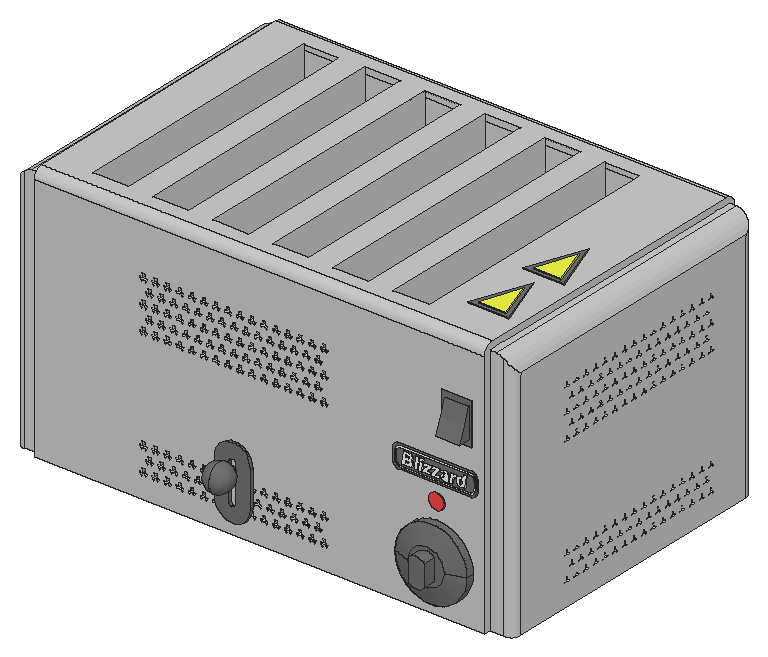
Revit family "QF_BLIZZARD_B6ST", category Specialty Equipment, Revit 2016 (continued)
Forms (mm)
  Extrusion 19, void
    sketch origin (259, 299.548, 0.393) x (0, -1, 0) y (0, 0, 1)
      loop
        arc (490.006, 36.988) -> (491.232, 38.216) -> (491.683, 39.892) r 3.369
        arc (491.683, 39.892) -> (489.432, 40.546) -> (489.991, 42.822) r 1.694
        arc (489.991, 42.822) -> (488.314, 43.269) -> (486.638, 42.822) r 3.369
      loop
        arc (496.638, 42.822) -> (497.197, 40.546) -> (494.946, 39.892) r 1.694
        arc (494.946, 39.892) -> (495.397, 38.216) -> (496.622, 36.988) r 3.369
        arc (496.622, 36.988) -> (498.314, 38.61) -> (500.006, 36.988) r 1.694
        arc (500.006, 36.988) -> (501.232, 38.216) -> (501.683, 39.892) r 3.369
        arc (501.683, 39.892) -> (499.432, 40.546) -> (499.991, 42.822) r 1.694
        arc (499.991, 42.822) -> (498.314, 43.269) -> (496.638, 42.822) r 3.369
      loop
        arc (351.638, 32.822) -> (352.197, 30.546) -> (349.946, 29.892) r 1.694
        arc (349.946, 29.892) -> (350.397, 28.216) -> (351.622, 26.988) r 3.369
        arc (351.622, 26.988) -> (353.314, 28.61) -> (355.006, 26.988) r 1.694
        arc (355.006, 26.988) -> (356.232, 28.216) -> (356.683, 29.892) r 3.369
        arc (356.683, 29.892) -> (354.432, 30.546) -> (354.991, 32.822) r 1.694
        arc (354.991, 32.822) -> (353.314, 33.269) -> (351.638, 32.822) r 3.369
      loop
        arc (361.638, 32.822) -> (362.197, 30.546) -> (359.946, 29.892) r 1.694
        arc (359.946, 29.892) -> (360.397, 28.216) -> (361.622, 26.988) r 3.369
        arc (361.622, 26.988) -> (363.314, 28.61) -> (365.006, 26.988) r 1.694
        arc (365.006, 26.988) -> (366.232, 28.216) -> (366.683, 29.892) r 3.369
        arc (366.683, 29.892) -> (364.432, 30.546) -> (364.991, 32.822) r 1.694
        arc (364.991, 32.822) -> (363.314, 33.269) -> (361.638, 32.822) r 3.369
      loop
        arc (371.638, 32.822) -> (372.197, 30.546) -> (369.946, 29.892) r 1.694
        arc (369.946, 29.892) -> (370.397, 28.216) -> (371.622, 26.988) r 3.369
        arc (371.622, 26.988) -> (373.314, 28.61) -> (375.006, 26.988) r 1.694
        arc (375.006, 26.988) -> (376.232, 28.216) -> (376.683, 29.892) r 3.369
        arc (376.683, 29.892) -> (374.432, 30.546) -> (374.991, 32.822) r 1.694
        arc (374.991, 32.822) -> (373.314, 33.269) -> (371.638, 32.822) r 3.369
      loop
        arc (381.638, 32.822) -> (382.197, 30.546) -> (379.946, 29.892) r 1.694
        arc (379.946, 29.892) -> (380.397, 28.216) -> (381.622, 26.988) r 3.369
        arc (381.622, 26.988) -> (383.314, 28.61) -> (385.006, 26.988) r 1.694
        arc (385.006, 26.988) -> (386.232, 28.216) -> (386.683, 29.892) r 3.369
        arc (386.683, 29.892) -> (384.432, 30.546) -> (384.991, 32.822) r 1.694
        arc (384.991, 32.822) -> (383.314, 33.269) -> (381.638, 32.822) r 3.369
      loop
        arc (391.638, 32.822) -> (392.197, 30.546) -> (389.946, 29.892) r 1.694
        arc (389.946, 29.892) -> (390.397, 28.216) -> (391.622, 26.988) r 3.369
        arc (391.622, 26.988) -> (393.314, 28.61) -> (395.006, 26.988) r 1.694
        arc (395.006, 26.988) -> (396.232, 28.216) -> (396.683, 29.892) r 3.369
        arc (396.683, 29.892) -> (394.432, 30.546) -> (394.991, 32.822) r 1.694
        arc (394.991, 32.822) -> (393.314, 33.269) -> (391.638, 32.822) r 3.369
      loop
        arc (401.638, 32.822) -> (402.197, 30.546) -> (399.946, 29.892) r 1.694
        arc (399.946, 29.892) -> (400.397, 28.216) -> (401.622, 26.988) r 3.369
        arc (401.622, 26.988) -> (403.314, 28.61) -> (405.006, 26.988) r 1.694
        arc (405.006, 26.988) -> (406.232, 28.216) -> (406.683, 29.892) r 3.369
        arc (406.683, 29.892) -> (404.432, 30.546) -> (404.991, 32.822) r 1.694
        arc (404.991, 32.822) -> (403.314, 33.269) -> (401.638, 32.822) r 3.369
      loop
        arc (411.638, 32.822) -> (412.197, 30.546) -> (409.946, 29.892) r 1.694
        arc (409.946, 29.892) -> (410.397, 28.216) -> (411.622, 26.988) r 3.369
        arc (411.622, 26.988) -> (413.314, 28.61) -> (415.006, 26.988) r 1.694
        arc (415.006, 26.988) -> (416.232, 28.216) -> (416.683, 29.892) r 3.369
        arc (416.683, 29.892) -> (414.432, 30.546) -> (414.991, 32.822) r 1.694
        arc (414.991, 32.822) -> (413.314, 33.269) -> (411.638, 32.822) r 3.369
      loop
        arc (421.638, 32.822) -> (422.197, 30.546) -> (419.946, 29.892) r 1.694
        arc (419.946, 29.892) -> (420.397, 28.216) -> (421.622, 26.988) r 3.369
        arc (421.622, 26.988) -> (423.314, 28.61) -> (425.006, 26.988) r 1.694
        arc (425.006, 26.988) -> (426.232, 28.216) -> (426.683, 29.892) r 3.369
        arc (426.683, 29.892) -> (424.432, 30.546) -> (424.991, 32.822) r 1.694
        arc (424.991, 32.822) -> (423.314, 33.269) -> (421.638, 32.822) r 3.369
      loop
        arc (431.638, 32.822) -> (432.197, 30.546) -> (429.946, 29.892) r 1.694
        arc (429.946, 29.892) -> (430.397, 28.216) -> (431.622, 26.988) r 3.369
        arc (431.622, 26.988) -> (433.314, 28.61) -> (435.006, 26.988) r 1.694
        arc (435.006, 26.988) -> (436.232, 28.216) -> (436.683, 29.892) r 3.369
        arc (436.683, 29.892) -> (434.432, 30.546) -> (434.991, 32.822) r 1.694
        arc (434.991, 32.822) -> (433.314, 33.269) -> (431.638, 32.822) r 3.369
      loop
        arc (441.638, 32.822) -> (442.197, 30.546) -> (439.946, 29.892) r 1.694
        arc (439.946, 29.892) -> (440.397, 28.216) -> (441.622, 26.988) r 3.369
        arc (441.622, 26.988) -> (443.314, 28.61) -> (445.006, 26.988) r 1.694
        arc (445.006, 26.988) -> (446.232, 28.216) -> (446.683, 29.892) r 3.369
        arc (446.683, 29.892) -> (444.432, 30.546) -> (444.991, 32.822) r 1.694
        arc (444.991, 32.822) -> (443.314, 33.269) -> (441.638, 32.822) r 3.369
      loop
        arc (451.638, 32.822) -> (452.197, 30.546) -> (449.946, 29.892) r 1.694
        arc (449.946, 29.892) -> (450.397, 28.216) -> (451.622, 26.988) r 3.369
        arc (451.622, 26.988) -> (453.314, 28.61) -> (455.006, 26.988) r 1.694
        arc (455.006, 26.988) -> (456.232, 28.216) -> (456.683, 29.892) r 3.369
        arc (456.683, 29.892) -> (454.432, 30.546) -> (454.991, 32.822) r 1.694
        arc (454.991, 32.822) -> (453.314, 33.269) -> (451.638, 32.822) r 3.369
      loop
        arc (461.638, 32.822) -> (462.197, 30.546) -> (459.946, 29.892) r 1.694
        arc (459.946, 29.892) -> (460.397, 28.216) -> (461.622, 26.988) r 3.369
        arc (461.622, 26.988) -> (463.314, 28.61) -> (465.006, 26.988) r 1.694
        arc (465.006, 26.988) -> (466.232, 28.216) -> (466.683, 29.892) r 3.369
        arc (466.683, 29.892) -> (464.432, 30.546) -> (464.991, 32.822) r 1.694
        arc (464.991, 32.822) -> (463.314, 33.269) -> (461.638, 32.822) r 3.369
      loop
        arc (471.638, 32.822) -> (472.197, 30.546) -> (469.946, 29.892) r 1.694
        arc (469.946, 29.892) -> (470.397, 28.216) -> (471.622, 26.988) r 3.369
        arc (471.622, 26.988) -> (473.314, 28.61) -> (475.006, 26.988) r 1.694
        arc (475.006, 26.988) -> (476.232, 28.216) -> (476.683, 29.892) r 3.369
        arc (476.683, 29.892) -> (474.432, 30.546) -> (474.991, 32.822) r 1.694
        arc (474.991, 32.822) -> (473.314, 33.269) -> (471.638, 32.822) r 3.369
      loop
        arc (481.638, 32.822) -> (482.197, 30.546) -> (479.946, 29.892) r 1.694
        arc (479.946, 29.892) -> (480.397, 28.216) -> (481.622, 26.988) r 3.369
        arc (481.622, 26.988) -> (483.314, 28.61) -> (485.006, 26.988) r 1.694
        arc (485.006, 26.988) -> (486.232, 28.216) -> (486.683, 29.892) r 3.369
        arc (486.683, 29.892) -> (484.432, 30.546) -> (484.991, 32.822) r 1.694
        arc (484.991, 32.822) -> (483.314, 33.269) -> (481.638, 32.822) r 3.369
      loop
        arc (491.638, 32.822) -> (492.197, 30.546) -> (489.946, 29.892) r 1.694
        arc (489.946, 29.892) -> (490.397, 28.216) -> (491.622, 26.988) r 3.369
        arc (491.622, 26.988) -> (493.314, 28.61) -> (495.006, 26.988) r 1.694
        arc (495.006, 26.988) -> (496.232, 28.216) -> (496.683, 29.892) r 3.369
        arc (496.683, 29.892) -> (494.432, 30.546) -> (494.991, 32.822) r 1.694
        arc (494.991, 32.822) -> (493.314, 33.269) -> (491.638, 32.822) r 3.369
      loop
        arc (346.638, 22.822) -> (347.197, 20.546) -> (344.946, 19.892) r 1.694
        arc (344.946, 19.892) -> (345.397, 18.216) -> (346.622, 16.988) r 3.369
        arc (346.622, 16.988) -> (348.314, 18.61) -> (350.006, 16.988) r 1.694
        arc (350.006, 16.988) -> (351.232, 18.216) -> (351.683, 19.892) r 3.369
        arc (351.683, 19.892) -> (349.432, 20.546) -> (349.991, 22.822) r 1.694
        arc (349.991, 22.822) -> (348.314, 23.269) -> (346.638, 22.822) r 3.369
      loop
        arc (356.638, 22.822) -> (357.197, 20.546) -> (354.946, 19.892) r 1.694
        arc (354.946, 19.892) -> (355.397, 18.216) -> (356.622, 16.988) r 3.369
        arc (356.622, 16.988) -> (358.314, 18.61) -> (360.006, 16.988) r 1.694
        arc (360.006, 16.988) -> (361.232, 18.216) -> (361.683, 19.892) r 3.369
        arc (361.683, 19.892) -> (359.432, 20.546) -> (359.991, 22.822) r 1.694
        arc (359.991, 22.822) -> (358.314, 23.269) -> (356.638, 22.822) r 3.369
      loop
        arc (366.638, 22.822) -> (367.197, 20.546) -> (364.946, 19.892) r 1.694
        arc (364.946, 19.892) -> (365.397, 18.216) -> (366.622, 16.988) r 3.369
        arc (366.622, 16.988) -> (368.314, 18.61) -> (370.006, 16.988) r 1.694
        arc (370.006, 16.988) -> (371.232, 18.216) -> (371.683, 19.892) r 3.369
        arc (371.683, 19.892) -> (369.432, 20.546) -> (369.991, 22.822) r 1.694
        arc (369.991, 22.822) -> (368.314, 23.269) -> (366.638, 22.822) r 3.369
      loop
        arc (376.638, 22.822) -> (377.197, 20.546) -> (374.946, 19.892) r 1.694
        arc (374.946, 19.892) -> (375.397, 18.216) -> (376.622, 16.988) r 3.369
        arc (376.622, 16.988) -> (378.314, 18.61) -> (380.006, 16.988) r 1.694
        arc (380.006, 16.988) -> (381.232, 18.216) -> (381.683, 19.892) r 3.369
        arc (381.683, 19.892) -> (379.432, 20.546) -> (379.991, 22.822) r 1.694
        arc (379.991, 22.822) -> (378.314, 23.269) -> (376.638, 22.822) r 3.369
      loop
        arc (386.638, 22.822) -> (387.197, 20.546) -> (384.946, 19.892) r 1.694
        arc (384.946, 19.892) -> (385.397, 18.216) -> (386.622, 16.988) r 3.369
        arc (386.622, 16.988) -> (388.314, 18.61) -> (390.006, 16.988) r 1.694
        arc (390.006, 16.988) -> (391.232, 18.216) -> (391.683, 19.892) r 3.369
        arc (391.683, 19.892) -> (389.432, 20.546) -> (389.991, 22.822) r 1.694
        arc (389.991, 22.822) -> (388.314, 23.269) -> (386.638, 22.822) r 3.369
      loop
        arc (396.638, 22.822) -> (397.197, 20.546) -> (394.946, 19.892) r 1.694
        arc (394.946, 19.892) -> (395.397, 18.216) -> (396.622, 16.988) r 3.369
        arc (396.622, 16.988) -> (398.314, 18.61) -> (400.006, 16.988) r 1.694
        arc (400.006, 16.988) -> (401.232, 18.216) -> (401.683, 19.892) r 3.369
        arc (401.683, 19.892) -> (399.432, 20.546) -> (399.991, 22.822) r 1.694
        arc (399.991, 22.822) -> (398.314, 23.269) -> (396.638, 22.822) r 3.369
      loop
        arc (406.638, 22.822) -> (407.197, 20.546) -> (404.946, 19.892) r 1.694
        arc (404.946, 19.892) -> (405.397, 18.216) -> (406.622, 16.988) r 3.369
        arc (406.622, 16.988) -> (408.314, 18.61) -> (410.006, 16.988) r 1.694
        arc (410.006, 16.988) -> (411.232, 18.216) -> (411.683, 19.892) r 3.369
        arc (411.683, 19.892) -> (409.432, 20.546) -> (409.991, 22.822) r 1.694
        arc (409.991, 22.822) -> (408.314, 23.269) -> (406.638, 22.822) r 3.369
      loop
        arc (416.638, 22.822) -> (417.197, 20.546) -> (414.946, 19.892) r 1.694
        arc (414.946, 19.892) -> (415.397, 18.216) -> (416.622, 16.988) r 3.369
        arc (416.622, 16.988) -> (418.314, 18.61) -> (420.006, 16.988) r 1.694
        arc (420.006, 16.988) -> (421.232, 18.216) -> (421.683, 19.892) r 3.369
        arc (421.683, 19.892) -> (419.432, 20.546) -> (419.991, 22.822) r 1.694
        arc (419.991, 22.822) -> (418.314, 23.269) -> (416.638, 22.822) r 3.369
      loop
        arc (426.638, 22.822) -> (427.197, 20.546) -> (424.946, 19.892) r 1.694
        arc (424.946, 19.892) -> (425.397, 18.216) -> (426.622, 16.988) r 3.369
        arc (426.622, 16.988) -> (428.314, 18.61) -> (430.006, 16.988) r 1.694
        arc (430.006, 16.988) -> (431.232, 18.216) -> (431.683, 19.892) r 3.369
        arc (431.683, 19.892) -> (429.432, 20.546) -> (429.991, 22.822) r 1.694
        arc (429.991, 22.822) -> (428.314, 23.269) -> (426.638, 22.822) r 3.369
      loop
        arc (436.638, 22.822) -> (437.197, 20.546) -> (434.946, 19.892) r 1.694
        arc (434.946, 19.892) -> (435.397, 18.216) -> (436.622, 16.988) r 3.369
        arc (436.622, 16.988) -> (438.314, 18.61) -> (440.006, 16.988) r 1.694
        arc (440.006, 16.988) -> (441.232, 18.216) -> (441.683, 19.892) r 3.369
        arc (441.683, 19.892) -> (439.432, 20.546) -> (439.991, 22.822) r 1.694
        arc (439.991, 22.822) -> (438.314, 23.269) -> (436.638, 22.822) r 3.369
      loop
        arc (446.638, 22.822) -> (447.197, 20.546) -> (444.946, 19.892) r 1.694
        arc (444.946, 19.892) -> (445.397, 18.216) -> (446.622, 16.988) r 3.369
        arc (446.622, 16.988) -> (448.314, 18.61) -> (450.006, 16.988) r 1.694
        arc (450.006, 16.988) -> (451.232, 18.216) -> (451.683, 19.892) r 3.369
        arc (451.683, 19.892) -> (449.432, 20.546) -> (449.991, 22.822) r 1.694
        arc (449.991, 22.822) -> (448.314, 23.269) -> (446.638, 22.822) r 3.369
      loop
        arc (456.638, 22.822) -> (457.197, 20.546) -> (454.946, 19.892) r 1.694
        arc (454.946, 19.892) -> (455.397, 18.216) -> (456.622, 16.988) r 3.369
        arc (456.622, 16.988) -> (458.314, 18.61) -> (460.006, 16.988) r 1.694
        arc (460.006, 16.988) -> (461.232, 18.216) -> (461.683, 19.892) r 3.369
        arc (461.683, 19.892) -> (459.432, 20.546) -> (459.991, 22.822) r 1.694
        arc (459.991, 22.822) -> (458.314, 23.269) -> (456.638, 22.822) r 3.369
      loop
        arc (466.638, 22.822) -> (467.197, 20.546) -> (464.946, 19.892) r 1.694
        arc (464.946, 19.892) -> (465.397, 18.216) -> (466.622, 16.988) r 3.369
        arc (466.622, 16.988) -> (468.314, 18.61) -> (470.006, 16.988) r 1.694
        arc (470.006, 16.988) -> (471.232, 18.216) -> (471.683, 19.892) r 3.369
        arc (471.683, 19.892) -> (469.432, 20.546) -> (469.991, 22.822) r 1.694
        arc (469.991, 22.822) -> (468.314, 23.269) -> (466.638, 22.822) r 3.369
      loop
        arc (476.638, 22.822) -> (477.197, 20.546) -> (474.946, 19.892) r 1.694
        arc (474.946, 19.892) -> (475.397, 18.216) -> (476.622, 16.988) r 3.369
        arc (476.622, 16.988) -> (478.314, 18.61) -> (480.006, 16.988) r 1.694
        arc (480.006, 16.988) -> (481.232, 18.216) -> (481.683, 19.892) r 3.369
        arc (481.683, 19.892) -> (479.432, 20.546) -> (479.991, 22.822) r 1.694
        arc (479.991, 22.822) -> (478.314, 23.269) -> (476.638, 22.822) r 3.369
      loop
        arc (486.638, 22.822) -> (487.197, 20.546) -> (484.946, 19.892) r 1.694
        arc (484.946, 19.892) -> (485.397, 18.216) -> (486.622, 16.988) r 3.369
        arc (486.622, 16.988) -> (488.314, 18.61) -> (490.006, 16.988) r 1.694
        arc (490.006, 16.988) -> (491.232, 18.216) -> (491.683, 19.892) r 3.369
        arc (491.683, 19.892) -> (489.432, 20.546) -> (489.991, 22.822) r 1.694
        arc (489.991, 22.822) -> (488.314, 23.269) -> (486.638, 22.822) r 3.369
      loop
        arc (496.638, 22.822) -> (497.197, 20.546) -> (494.946, 19.892) r 1.694
        arc (494.946, 19.892) -> (495.397, 18.216) -> (496.622, 16.988) r 3.369
        arc (496.622, 16.988) -> (498.314, 18.61) -> (500.006, 16.988) r 1.694
        arc (500.006, 16.988) -> (501.232, 18.216) -> (501.683, 19.892) r 3.369
        arc (501.683, 19.892) -> (499.432, 20.546) -> (499.991, 22.822) r 1.694
        arc (499.991, 22.822) -> (498.314, 23.269) -> (496.638, 22.822) r 3.369
    from 254 to 262.634
  Extrusion 20, void
    sketch origin (155, 299.548, 0.393) x (0, -1, 0) y (0, 0, -1)
      loop
        arc (346.638, -167.822) -> (348.314, -168.269) -> (349.991, -167.822) r 3.369
        arc (349.991, -167.822) -> (349.432, -165.546) -> (351.683, -164.892) r 1.694
        arc (351.683, -164.892) -> (351.232, -163.216) -> (350.006, -161.988) r 3.369
        arc (350.006, -161.988) -> (348.314, -163.61) -> (346.622, -161.988) r 1.694
        arc (346.622, -161.988) -> (345.397, -163.216) -> (344.946, -164.892) r 3.369
        arc (344.946, -164.892) -> (347.197, -165.546) -> (346.638, -167.822) r 1.694
      loop
        arc (356.638, -167.822) -> (358.314, -168.269) -> (359.991, -167.822) r 3.369
        arc (359.991, -167.822) -> (359.432, -165.546) -> (361.683, -164.892) r 1.694
        arc (361.683, -164.892) -> (361.232, -163.216) -> (360.006, -161.988) r 3.369
        arc (360.006, -161.988) -> (358.314, -163.61) -> (356.622, -161.988) r 1.694
        arc (356.622, -161.988) -> (355.397, -163.216) -> (354.946, -164.892) r 3.369
        arc (354.946, -164.892) -> (357.197, -165.546) -> (356.638, -167.822) r 1.694
      loop
        arc (366.638, -167.822) -> (368.314, -168.269) -> (369.991, -167.822) r 3.369
        arc (369.991, -167.822) -> (369.432, -165.546) -> (371.683, -164.892) r 1.694
        arc (371.683, -164.892) -> (371.232, -163.216) -> (370.006, -161.988) r 3.369
        arc (370.006, -161.988) -> (368.314, -163.61) -> (366.622, -161.988) r 1.694
        arc (366.622, -161.988) -> (365.397, -163.216) -> (364.946, -164.892) r 3.369
        arc (364.946, -164.892) -> (367.197, -165.546) -> (366.638, -167.822) r 1.694
      loop
        arc (376.638, -167.822) -> (378.314, -168.269) -> (379.991, -167.822) r 3.369
        arc (379.991, -167.822) -> (379.432, -165.546) -> (381.683, -164.892) r 1.694
        arc (381.683, -164.892) -> (381.232, -163.216) -> (380.006, -161.988) r 3.369
        arc (380.006, -161.988) -> (378.314, -163.61) -> (376.622, -161.988) r 1.694
        arc (376.622, -161.988) -> (375.397, -163.216) -> (374.946, -164.892) r 3.369
        arc (374.946, -164.892) -> (377.197, -165.546) -> (376.638, -167.822) r 1.694
      loop
        arc (386.638, -167.822) -> (388.314, -168.269) -> (389.991, -167.822) r 3.369
        arc (389.991, -167.822) -> (389.432, -165.546) -> (391.683, -164.892) r 1.694
        arc (391.683, -164.892) -> (391.232, -163.216) -> (390.006, -161.988) r 3.369
        arc (390.006, -161.988) -> (388.314, -163.61) -> (386.622, -161.988) r 1.694
        arc (386.622, -161.988) -> (385.397, -163.216) -> (384.946, -164.892) r 3.369
        arc (384.946, -164.892) -> (387.197, -165.546) -> (386.638, -167.822) r 1.694
      loop
        arc (396.638, -167.822) -> (398.314, -168.269) -> (399.991, -167.822) r 3.369
        arc (399.991, -167.822) -> (399.432, -165.546) -> (401.683, -164.892) r 1.694
        arc (401.683, -164.892) -> (401.232, -163.216) -> (400.006, -161.988) r 3.369
        arc (400.006, -161.988) -> (398.314, -163.61) -> (396.622, -161.988) r 1.694
        arc (396.622, -161.988) -> (395.397, -163.216) -> (394.946, -164.892) r 3.369
        arc (394.946, -164.892) -> (397.197, -165.546) -> (396.638, -167.822) r 1.694
      loop
        arc (406.638, -167.822) -> (408.314, -168.269) -> (409.991, -167.822) r 3.369
        arc (409.991, -167.822) -> (409.432, -165.546) -> (411.683, -164.892) r 1.694
        arc (411.683, -164.892) -> (411.232, -163.216) -> (410.006, -161.988) r 3.369
        arc (410.006, -161.988) -> (408.314, -163.61) -> (406.622, -161.988) r 1.694
        arc (406.622, -161.988) -> (405.397, -163.216) -> (404.946, -164.892) r 3.369
        arc (404.946, -164.892) -> (407.197, -165.546) -> (406.638, -167.822) r 1.694
      loop
        arc (416.638, -167.822) -> (418.314, -168.269) -> (419.991, -167.822) r 3.369
        arc (419.991, -167.822) -> (419.432, -165.546) -> (421.683, -164.892) r 1.694
        arc (421.683, -164.892) -> (421.232, -163.216) -> (420.006, -161.988) r 3.369
        arc (420.006, -161.988) -> (418.314, -163.61) -> (416.622, -161.988) r 1.694
        arc (416.622, -161.988) -> (415.397, -163.216) -> (414.946, -164.892) r 3.369
        arc (414.946, -164.892) -> (417.197, -165.546) -> (416.638, -167.822) r 1.694
      loop
        arc (426.638, -167.822) -> (428.314, -168.269) -> (429.991, -167.822) r 3.369
        arc (429.991, -167.822) -> (429.432, -165.546) -> (431.683, -164.892) r 1.694
        arc (431.683, -164.892) -> (431.232, -163.216) -> (430.006, -161.988) r 3.369
        arc (430.006, -161.988) -> (428.314, -163.61) -> (426.622, -161.988) r 1.694
        arc (426.622, -161.988) -> (425.397, -163.216) -> (424.946, -164.892) r 3.369
        arc (424.946, -164.892) -> (427.197, -165.546) -> (426.638, -167.822) r 1.694
      loop
        arc (436.638, -167.822) -> (438.314, -168.269) -> (439.991, -167.822) r 3.369
        arc (439.991, -167.822) -> (439.432, -165.546) -> (441.683, -164.892) r 1.694
        arc (441.683, -164.892) -> (441.232, -163.216) -> (440.006, -161.988) r 3.369
        arc (440.006, -161.988) -> (438.314, -163.61) -> (436.622, -161.988) r 1.694
        arc (436.622, -161.988) -> (435.397, -163.216) -> (434.946, -164.892) r 3.369
        arc (434.946, -164.892) -> (437.197, -165.546) -> (436.638, -167.822) r 1.694
      loop
        arc (446.638, -167.822) -> (448.314, -168.269) -> (449.991, -167.822) r 3.369
        arc (449.991, -167.822) -> (449.432, -165.546) -> (451.683, -164.892) r 1.694
        arc (451.683, -164.892) -> (451.232, -163.216) -> (450.006, -161.988) r 3.369
        arc (450.006, -161.988) -> (448.314, -163.61) -> (446.622, -161.988) r 1.694
        arc (446.622, -161.988) -> (445.397, -163.216) -> (444.946, -164.892) r 3.369
        arc (444.946, -164.892) -> (447.197, -165.546) -> (446.638, -167.822) r 1.694
      loop
        arc (456.638, -167.822) -> (458.314, -168.269) -> (459.991, -167.822) r 3.369
        arc (459.991, -167.822) -> (459.432, -165.546) -> (461.683, -164.892) r 1.694
        arc (461.683, -164.892) -> (461.232, -163.216) -> (460.006, -161.988) r 3.369
        arc (460.006, -161.988) -> (458.314, -163.61) -> (456.622, -161.988) r 1.694
        arc (456.622, -161.988) -> (455.397, -163.216) -> (454.946, -164.892) r 3.369
        arc (454.946, -164.892) -> (457.197, -165.546) -> (456.638, -167.822) r 1.694
      loop
        arc (466.638, -167.822) -> (468.314, -168.269) -> (469.991, -167.822) r 3.369
        arc (469.991, -167.822) -> (469.432, -165.546) -> (471.683, -164.892) r 1.694
        arc (471.683, -164.892) -> (471.232, -163.216) -> (470.006, -161.988) r 3.369
        arc (470.006, -161.988) -> (468.314, -163.61) -> (466.622, -161.988) r 1.694
        arc (466.622, -161.988) -> (465.397, -163.216) -> (464.946, -164.892) r 3.369
        arc (464.946, -164.892) -> (467.197, -165.546) -> (466.638, -167.822) r 1.694
      loop
        arc (476.638, -167.822) -> (478.314, -168.269) -> (479.991, -167.822) r 3.369
        arc (479.991, -167.822) -> (479.432, -165.546) -> (481.683, -164.892) r 1.694
        arc (481.683, -164.892) -> (481.232, -163.216) -> (480.006, -161.988) r 3.369
        arc (480.006, -161.988) -> (478.314, -163.61) -> (476.622, -161.988) r 1.694
        arc (476.622, -161.988) -> (475.397, -163.216) -> (474.946, -164.892) r 3.369
        arc (474.946, -164.892) -> (477.197, -165.546) -> (476.638, -167.822) r 1.694
      loop
        arc (486.638, -167.822) -> (488.314, -168.269) -> (489.991, -167.822) r 3.369
        arc (489.991, -167.822) -> (489.432, -165.546) -> (491.683, -164.892) r 1.694
        arc (491.683, -164.892) -> (491.232, -163.216) -> (490.006, -161.988) r 3.369
        arc (490.006, -161.988) -> (488.314, -163.61) -> (486.622, -161.988) r 1.694
        arc (486.622, -161.988) -> (485.397, -163.216) -> (484.946, -164.892) r 3.369
        arc (484.946, -164.892) -> (487.197, -165.546) -> (486.638, -167.822) r 1.694
      loop
        arc (496.638, -167.822) -> (498.314, -168.269) -> (499.991, -167.822) r 3.369
        arc (499.991, -167.822) -> (499.432, -165.546) -> (501.683, -164.892) r 1.694
        arc (501.683, -164.892) -> (501.232, -163.216) -> (500.006, -161.988) r 3.369
        arc (500.006, -161.988) -> (498.314, -163.61) -> (496.622, -161.988) r 1.694
        arc (496.622, -161.988) -> (495.397, -163.216) -> (494.946, -164.892) r 3.369
        arc (494.946, -164.892) -> (497.197, -165.546) -> (496.638, -167.822) r 1.694
      loop
        arc (351.638, -157.822) -> (353.314, -158.269) -> (354.991, -157.822) r 3.369
        arc (354.991, -157.822) -> (354.432, -155.546) -> (356.683, -154.892) r 1.694
        arc (356.683, -154.892) -> (356.232, -153.216) -> (355.006, -151.988) r 3.369
        arc (355.006, -151.988) -> (353.314, -153.61) -> (351.622, -151.988) r 1.694
        arc (351.622, -151.988) -> (350.397, -153.216) -> (349.946, -154.892) r 3.369
        arc (349.946, -154.892) -> (352.197, -155.546) -> (351.638, -157.822) r 1.694
      loop
        arc (361.638, -157.822) -> (363.314, -158.269) -> (364.991, -157.822) r 3.369
        arc (364.991, -157.822) -> (364.432, -155.546) -> (366.683, -154.892) r 1.694
        arc (366.683, -154.892) -> (366.232, -153.216) -> (365.006, -151.988) r 3.369
        arc (365.006, -151.988) -> (363.314, -153.61) -> (361.622, -151.988) r 1.694
        arc (361.622, -151.988) -> (360.397, -153.216) -> (359.946, -154.892) r 3.369
        arc (359.946, -154.892) -> (362.197, -155.546) -> (361.638, -157.822) r 1.694
      loop
        arc (371.638, -157.822) -> (373.314, -158.269) -> (374.991, -157.822) r 3.369
        arc (374.991, -157.822) -> (374.432, -155.546) -> (376.683, -154.892) r 1.694
        arc (376.683, -154.892) -> (376.232, -153.216) -> (375.006, -151.988) r 3.369
        arc (375.006, -151.988) -> (373.314, -153.61) -> (371.622, -151.988) r 1.694
        arc (371.622, -151.988) -> (370.397, -153.216) -> (369.946, -154.892) r 3.369
        arc (369.946, -154.892) -> (372.197, -155.546) -> (371.638, -157.822) r 1.694
      loop
        arc (381.638, -157.822) -> (383.314, -158.269) -> (384.991, -157.822) r 3.369
        arc (384.991, -157.822) -> (384.432, -155.546) -> (386.683, -154.892) r 1.694
        arc (386.683, -154.892) -> (386.232, -153.216) -> (385.006, -151.988) r 3.369
        arc (385.006, -151.988) -> (383.314, -153.61) -> (381.622, -151.988) r 1.694
        arc (381.622, -151.988) -> (380.397, -153.216) -> (379.946, -154.892) r 3.369
        arc (379.946, -154.892) -> (382.197, -155.546) -> (381.638, -157.822) r 1.694
      loop
        arc (391.638, -157.822) -> (393.314, -158.269) -> (394.991, -157.822) r 3.369
        arc (394.991, -157.822) -> (394.432, -155.546) -> (396.683, -154.892) r 1.694
        arc (396.683, -154.892) -> (396.232, -153.216) -> (395.006, -151.988) r 3.369
        arc (395.006, -151.988) -> (393.314, -153.61) -> (391.622, -151.988) r 1.694
        arc (391.622, -151.988) -> (390.397, -153.216) -> (389.946, -154.892) r 3.369
        arc (389.946, -154.892) -> (392.197, -155.546) -> (391.638, -157.822) r 1.694
      loop
        arc (401.638, -157.822) -> (403.314, -158.269) -> (404.991, -157.822) r 3.369
        arc (404.991, -157.822) -> (404.432, -155.546) -> (406.683, -154.892) r 1.694
        arc (406.683, -154.892) -> (406.232, -153.216) -> (405.006, -151.988) r 3.369
        arc (405.006, -151.988) -> (403.314, -153.61) -> (401.622, -151.988) r 1.694
        arc (401.622, -151.988) -> (400.397, -153.216) -> (399.946, -154.892) r 3.369
        arc (399.946, -154.892) -> (402.197, -155.546) -> (401.638, -157.822) r 1.694
      loop
        arc (411.638, -157.822) -> (413.314, -158.269) -> (414.991, -157.822) r 3.369
        arc (414.991, -157.822) -> (414.432, -155.546) -> (416.683, -154.892) r 1.694
        arc (416.683, -154.892) -> (416.232, -153.216) -> (415.006, -151.988) r 3.369
        arc (415.006, -151.988) -> (413.314, -153.61) -> (411.622, -151.988) r 1.694
        arc (411.622, -151.988) -> (410.397, -153.216) -> (409.946, -154.892) r 3.369
        arc (409.946, -154.892) -> (412.197, -155.546) -> (411.638, -157.822) r 1.694
      loop
        arc (421.638, -157.822) -> (423.314, -158.269) -> (424.991, -157.822) r 3.369
        arc (424.991, -157.822) -> (424.432, -155.546) -> (426.683, -154.892) r 1.694
        arc (426.683, -154.892) -> (426.232, -153.216) -> (425.006, -151.988) r 3.369
        arc (425.006, -151.988) -> (423.314, -153.61) -> (421.622, -151.988) r 1.694
        arc (421.622, -151.988) -> (420.397, -153.216) -> (419.946, -154.892) r 3.369
        arc (419.946, -154.892) -> (422.197, -155.546) -> (421.638, -157.822) r 1.694
      loop
        arc (431.638, -157.822) -> (433.314, -158.269) -> (434.991, -157.822) r 3.369
        arc (434.991, -157.822) -> (434.432, -155.546) -> (436.683, -154.892) r 1.694
        arc (436.683, -154.892) -> (436.232, -153.216) -> (435.006, -151.988) r 3.369
        arc (435.006, -151.988) -> (433.314, -153.61) -> (431.622, -151.988) r 1.694
        arc (431.622, -151.988) -> (430.397, -153.216) -> (429.946, -154.892) r 3.369
        arc (429.946, -154.892) -> (432.197, -155.546) -> (431.638, -157.822) r 1.694
      loop
        arc (441.638, -157.822) -> (443.314, -158.269) -> (444.991, -157.822) r 3.369
        arc (444.991, -157.822) -> (444.432, -155.546) -> (446.683, -154.892) r 1.694
        arc (446.683, -154.892) -> (446.232, -153.216) -> (445.006, -151.988) r 3.369
        arc (445.006, -151.988) -> (443.314, -153.61) -> (441.622, -151.988) r 1.694
        arc (441.622, -151.988) -> (440.397, -153.216) -> (439.946, -154.892) r 3.369
        arc (439.946, -154.892) -> (442.197, -155.546) -> (441.638, -157.822) r 1.694
      loop
        arc (451.638, -157.822) -> (453.314, -158.269) -> (454.991, -157.822) r 3.369
        arc (454.991, -157.822) -> (454.432, -155.546) -> (456.683, -154.892) r 1.694
        arc (456.683, -154.892) -> (456.232, -153.216) -> (455.006, -151.988) r 3.369
        arc (455.006, -151.988) -> (453.314, -153.61) -> (451.622, -151.988) r 1.694
        arc (451.622, -151.988) -> (450.397, -153.216) -> (449.946, -154.892) r 3.369
        arc (449.946, -154.892) -> (452.197, -155.546) -> (451.638, -157.822) r 1.694
      loop
        arc (461.638, -157.822) -> (463.314, -158.269) -> (464.991, -157.822) r 3.369
        arc (464.991, -157.822) -> (464.432, -155.546) -> (466.683, -154.892) r 1.694
        arc (466.683, -154.892) -> (466.232, -153.216) -> (465.006, -151.988) r 3.369
        arc (465.006, -151.988) -> (463.314, -153.61) -> (461.622, -151.988) r 1.694
        arc (461.622, -151.988) -> (460.397, -153.216) -> (459.946, -154.892) r 3.369
        arc (459.946, -154.892) -> (462.197, -155.546) -> (461.638, -157.822) r 1.694
      loop
        arc (471.638, -157.822) -> (473.314, -158.269) -> (474.991, -157.822) r 3.369
        arc (474.991, -157.822) -> (474.432, -155.546) -> (476.683, -154.892) r 1.694
        arc (476.683, -154.892) -> (476.232, -153.216) -> (475.006, -151.988) r 3.369
        arc (475.006, -151.988) -> (473.314, -153.61) -> (471.622, -151.988) r 1.694
        arc (471.622, -151.988) -> (470.397, -153.216) -> (469.946, -154.892) r 3.369
        arc (469.946, -154.892) -> (472.197, -155.546) -> (471.638, -157.822) r 1.694
      loop
        arc (481.638, -157.822) -> (483.314, -158.269) -> (484.991, -157.822) r 3.369
        arc (484.991, -157.822) -> (484.432, -155.546) -> (486.683, -154.892) r 1.694
        arc (486.683, -154.892) -> (486.232, -153.216) -> (485.006, -151.988) r 3.369
        arc (485.006, -151.988) -> (483.314, -153.61) -> (481.622, -151.988) r 1.694
        arc (481.622, -151.988) -> (480.397, -153.216) -> (479.946, -154.892) r 3.369
        arc (479.946, -154.892) -> (482.197, -155.546) -> (481.638, -157.822) r 1.694
      loop
        arc (491.638, -157.822) -> (493.314, -158.269) -> (494.991, -157.822) r 3.369
        arc (494.991, -157.822) -> (494.432, -155.546) -> (496.683, -154.892) r 1.694
        arc (496.683, -154.892) -> (496.232, -153.216) -> (495.006, -151.988) r 3.369
        arc (495.006, -151.988) -> (493.314, -153.61) -> (491.622, -151.988) r 1.694
        arc (491.622, -151.988) -> (490.397, -153.216) -> (489.946, -154.892) r 3.369
        arc (489.946, -154.892) -> (492.197, -155.546) -> (491.638, -157.822) r 1.694
      loop
        arc (346.638, -147.822) -> (348.314, -148.269) -> (349.991, -147.822) r 3.369
        arc (349.991, -147.822) -> (349.432, -145.546) -> (351.683, -144.892) r 1.694
        arc (351.683, -144.892) -> (351.232, -143.216) -> (350.006, -141.988) r 3.369
        arc (350.006, -141.988) -> (348.314, -143.61) -> (346.622, -141.988) r 1.694
        arc (346.622, -141.988) -> (345.397, -143.216) -> (344.946, -144.892) r 3.369
        arc (344.946, -144.892) -> (347.197, -145.546) -> (346.638, -147.822) r 1.694
      loop
        arc (356.638, -147.822) -> (358.314, -148.269) -> (359.991, -147.822) r 3.369
        arc (359.991, -147.822) -> (359.432, -145.546) -> (361.683, -144.892) r 1.694
        arc (361.683, -144.892) -> (361.232, -143.216) -> (360.006, -141.988) r 3.369
        arc (360.006, -141.988) -> (358.314, -143.61) -> (356.622, -141.988) r 1.694
        arc (356.622, -141.988) -> (355.397, -143.216) -> (354.946, -144.892) r 3.369
        arc (354.946, -144.892) -> (357.197, -145.546) -> (356.638, -147.822) r 1.694
      loop
        arc (366.638, -147.822) -> (368.314, -148.269) -> (369.991, -147.822) r 3.369
        arc (369.991, -147.822) -> (369.432, -145.546) -> (371.683, -144.892) r 1.694
        arc (371.683, -144.892) -> (371.232, -143.216) -> (370.006, -141.988) r 3.369
        arc (370.006, -141.988) -> (368.314, -143.61) -> (366.622, -141.988) r 1.694
        arc (366.622, -141.988) -> (365.397, -143.216) -> (364.946, -144.892) r 3.369
        arc (364.946, -144.892) -> (367.197, -145.546) -> (366.638, -147.822) r 1.694
      loop
        arc (376.638, -147.822) -> (378.314, -148.269) -> (379.991, -147.822) r 3.369
        arc (379.991, -147.822) -> (379.432, -145.546) -> (381.683, -144.892) r 1.694
        arc (381.683, -144.892) -> (381.232, -143.216) -> (380.006, -141.988) r 3.369
        arc (380.006, -141.988) -> (378.314, -143.61) -> (376.622, -141.988) r 1.694
        arc (376.622, -141.988) -> (375.397, -143.216) -> (374.946, -144.892) r 3.369
        arc (374.946, -144.892) -> (377.197, -145.546) -> (376.638, -147.822) r 1.694
      loop
        arc (386.638, -147.822) -> (388.314, -148.269) -> (389.991, -147.822) r 3.369
        arc (389.991, -147.822) -> (389.432, -145.546) -> (391.683, -144.892) r 1.694
        arc (391.683, -144.892) -> (391.232, -143.216) -> (390.006, -141.988) r 3.369
        arc (390.006, -141.988) -> (388.314, -143.61) -> (386.622, -141.988) r 1.694
        arc (386.622, -141.988) -> (385.397, -143.216) -> (384.946, -144.892) r 3.369
        arc (384.946, -144.892) -> (387.197, -145.546) -> (386.638, -147.822) r 1.694
      loop
        arc (396.638, -147.822) -> (398.314, -148.269) -> (399.991, -147.822) r 3.369
        arc (399.991, -147.822) -> (399.432, -145.546) -> (401.683, -144.892) r 1.694
        arc (401.683, -144.892) -> (401.232, -143.216) -> (400.006, -141.988) r 3.369
        arc (400.006, -141.988) -> (398.314, -143.61) -> (396.622, -141.988) r 1.694
        arc (396.622, -141.988) -> (395.397, -143.216) -> (394.946, -144.892) r 3.369
        arc (394.946, -144.892) -> (397.197, -145.546) -> (396.638, -147.822) r 1.694
      loop
        arc (406.638, -147.822) -> (408.314, -148.269) -> (409.991, -147.822) r 3.369
        arc (409.991, -147.822) -> (409.432, -145.546) -> (411.683, -144.892) r 1.694
        arc (411.683, -144.892) -> (411.232, -143.216) -> (410.006, -141.988) r 3.369
        arc (410.006, -141.988) -> (408.314, -143.61) -> (406.622, -141.988) r 1.694
        arc (406.622, -141.988) -> (405.397, -143.216) -> (404.946, -144.892) r 3.369
        arc (404.946, -144.892) -> (407.197, -145.546) -> (406.638, -147.822) r 1.694
      loop
        arc (416.638, -147.822) -> (418.314, -148.269) -> (419.991, -147.822) r 3.369
        arc (419.991, -147.822) -> (419.432, -145.546) -> (421.683, -144.892) r 1.694
        arc (421.683, -144.892) -> (421.232, -143.216) -> (420.006, -141.988) r 3.369
        arc (420.006, -141.988) -> (418.314, -143.61) -> (416.622, -141.988) r 1.694
        arc (416.622, -141.988) -> (415.397, -143.216) -> (414.946, -144.892) r 3.369
        arc (414.946, -144.892) -> (417.197, -145.546) -> (416.638, -147.822) r 1.694
      loop
        arc (426.638, -147.822) -> (428.314, -148.269) -> (429.991, -147.822) r 3.369
        arc (429.991, -147.822) -> (429.432, -145.546) -> (431.683, -144.892) r 1.694
        arc (431.683, -144.892) -> (431.232, -143.216) -> (430.006, -141.988) r 3.369
        arc (430.006, -141.988) -> (428.314, -143.61) -> (426.622, -141.988) r 1.694
        arc (426.622, -141.988) -> (425.397, -143.216) -> (424.946, -144.892) r 3.369
        arc (424.946, -144.892) -> (427.197, -145.546) -> (426.638, -147.822) r 1.694
      loop
        arc (436.638, -147.822) -> (438.314, -148.269) -> (439.991, -147.822) r 3.369
        arc (439.991, -147.822) -> (439.432, -145.546) -> (441.683, -144.892) r 1.694
        arc (441.683, -144.892) -> (441.232, -143.216) -> (440.006, -141.988) r 3.369
        arc (440.006, -141.988) -> (438.314, -143.61) -> (436.622, -141.988) r 1.694
        arc (436.622, -141.988) -> (435.397, -143.216) -> (434.946, -144.892) r 3.369
        arc (434.946, -144.892) -> (437.197, -145.546) -> (436.638, -147.822) r 1.694
      loop
        arc (446.638, -147.822) -> (448.314, -148.269) -> (449.991, -147.822) r 3.369
        arc (449.991, -147.822) -> (449.432, -145.546) -> (451.683, -144.892) r 1.694
        arc (451.683, -144.892) -> (451.232, -143.216) -> (450.006, -141.988) r 3.369
        arc (450.006, -141.988) -> (448.314, -143.61) -> (446.622, -141.988) r 1.694
        arc (446.622, -141.988) -> (445.397, -143.216) -> (444.946, -144.892) r 3.369
        arc (444.946, -144.892) -> (447.197, -145.546) -> (446.638, -147.822) r 1.694
      loop
        arc (456.638, -147.822) -> (458.314, -148.269) -> (459.991, -147.822) r 3.369
        arc (459.991, -147.822) -> (459.432, -145.546) -> (461.683, -144.892) r 1.694
        arc (461.683, -144.892) -> (461.232, -143.216) -> (460.006, -141.988) r 3.369
        arc (460.006, -141.988) -> (458.314, -143.61) -> (456.622, -141.988) r 1.694
        arc (456.622, -141.988) -> (455.397, -143.216) -> (454.946, -144.892) r 3.369
        arc (454.946, -144.892) -> (457.197, -145.546) -> (456.638, -147.822) r 1.694
      loop
        arc (466.638, -147.822) -> (468.314, -148.269) -> (469.991, -147.822) r 3.369
        arc (469.991, -147.822) -> (469.432, -145.546) -> (471.683, -144.892) r 1.694
        arc (471.683, -144.892) -> (471.232, -143.216) -> (470.006, -141.988) r 3.369
        arc (470.006, -141.988) -> (468.314, -143.61) -> (466.622, -141.988) r 1.694
        arc (466.622, -141.988) -> (465.397, -143.216) -> (464.946, -144.892) r 3.369
        arc (464.946, -144.892) -> (467.197, -145.546) -> (466.638, -147.822) r 1.694
      loop
        arc (476.638, -147.822) -> (478.314, -148.269) -> (479.991, -147.822) r 3.369
        arc (479.991, -147.822) -> (479.432, -145.546) -> (481.683, -144.892) r 1.694
        arc (481.683, -144.892) -> (481.232, -143.216) -> (480.006, -141.988) r 3.369
        arc (480.006, -141.988) -> (478.314, -143.61) -> (476.622, -141.988) r 1.694
        arc (476.622, -141.988) -> (475.397, -143.216) -> (474.946, -144.892) r 3.369
        arc (474.946, -144.892) -> (477.197, -145.546) -> (476.638, -147.822) r 1.694
      loop
        arc (486.638, -147.822) -> (488.314, -148.269) -> (489.991, -147.822) r 3.369
        arc (489.991, -147.822) -> (489.432, -145.546) -> (491.683, -144.892) r 1.694
        arc (491.683, -144.892) -> (491.232, -143.216) -> (490.006, -141.988) r 3.369
        arc (490.006, -141.988) -> (488.314, -143.61) -> (486.622, -141.988) r 1.694
        arc (486.622, -141.988) -> (485.397, -143.216) -> (484.946, -144.892) r 3.369
        arc (484.946, -144.892) -> (487.197, -145.546) -> (486.638, -147.822) r 1.694
      loop
        arc (496.638, -147.822) -> (498.314, -148.269) -> (499.991, -147.822) r 3.369
        arc (499.991, -147.822) -> (499.432, -145.546) -> (501.683, -144.892) r 1.694
        arc (501.683, -144.892) -> (501.232, -143.216) -> (500.006, -141.988) r 3.369
        arc (500.006, -141.988) -> (498.314, -143.61) -> (496.622, -141.988) r 1.694
        arc (496.622, -141.988) -> (495.397, -143.216) -> (494.946, -144.892) r 3.369
        arc (494.946, -144.892) -> (497.197, -145.546) -> (496.638, -147.822) r 1.694
      loop
        arc (351.638, -137.822) -> (353.314, -138.269) -> (354.991, -137.822) r 3.369
        arc (354.991, -137.822) -> (354.432, -135.546) -> (356.683, -134.892) r 1.694
        arc (356.683, -134.892) -> (356.232, -133.216) -> (355.006, -131.988) r 3.369
        arc (355.006, -131.988) -> (353.314, -133.61) -> (351.622, -131.988) r 1.694
        arc (351.622, -131.988) -> (350.397, -133.216) -> (349.946, -134.892) r 3.369
        arc (349.946, -134.892) -> (352.197, -135.546) -> (351.638, -137.822) r 1.694
      loop
        arc (361.638, -137.822) -> (363.314, -138.269) -> (364.991, -137.822) r 3.369
        arc (364.991, -137.822) -> (364.432, -135.546) -> (366.683, -134.892) r 1.694
        arc (366.683, -134.892) -> (366.232, -133.216) -> (365.006, -131.988) r 3.369
        arc (365.006, -131.988) -> (363.314, -133.61) -> (361.622, -131.988) r 1.694
        arc (361.622, -131.988) -> (360.397, -133.216) -> (359.946, -134.892) r 3.369
        arc (359.946, -134.892) -> (362.197, -135.546) -> (361.638, -137.822) r 1.694
      loop
        arc (371.638, -137.822) -> (373.314, -138.269) -> (374.991, -137.822) r 3.369
        arc (374.991, -137.822) -> (374.432, -135.546) -> (376.683, -134.892) r 1.694
        arc (376.683, -134.892) -> (376.232, -133.216) -> (375.006, -131.988) r 3.369
        arc (375.006, -131.988) -> (373.314, -133.61) -> (371.622, -131.988) r 1.694
        arc (371.622, -131.988) -> (370.397, -133.216) -> (369.946, -134.892) r 3.369
        arc (369.946, -134.892) -> (372.197, -135.546) -> (371.638, -137.822) r 1.694
      loop
        arc (381.638, -137.822) -> (383.314, -138.269) -> (384.991, -137.822) r 3.369
        arc (384.991, -137.822) -> (384.432, -135.546) -> (386.683, -134.892) r 1.694
        arc (386.683, -134.892) -> (386.232, -133.216) -> (385.006, -131.988) r 3.369
        arc (385.006, -131.988) -> (383.314, -133.61) -> (381.622, -131.988) r 1.694
        arc (381.622, -131.988) -> (380.397, -133.216) -> (379.946, -134.892) r 3.369
        arc (379.946, -134.892) -> (382.197, -135.546) -> (381.638, -137.822) r 1.694
      loop
        arc (391.638, -137.822) -> (393.314, -138.269) -> (394.991, -137.822) r 3.369
        arc (394.991, -137.822) -> (394.432, -135.546) -> (396.683, -134.892) r 1.694
        arc (396.683, -134.892) -> (396.232, -133.216) -> (395.006, -131.988) r 3.369
        arc (395.006, -131.988) -> (393.314, -133.61) -> (391.622, -131.988) r 1.694
        arc (391.622, -131.988) -> (390.397, -133.216) -> (389.946, -134.892) r 3.369
        arc (389.946, -134.892) -> (392.197, -135.546) -> (391.638, -137.822) r 1.694
      loop
        arc (401.638, -137.822) -> (403.314, -138.269) -> (404.991, -137.822) r 3.369
        arc (404.991, -137.822) -> (404.432, -135.546) -> (406.683, -134.892) r 1.694
        arc (406.683, -134.892) -> (406.232, -133.216) -> (405.006, -131.988) r 3.369
        arc (405.006, -131.988) -> (403.314, -133.61) -> (401.622, -131.988) r 1.694
        arc (401.622, -131.988) -> (400.397, -133.216) -> (399.946, -134.892) r 3.369
        arc (399.946, -134.892) -> (402.197, -135.546) -> (401.638, -137.822) r 1.694
      loop
        arc (411.638, -137.822) -> (413.314, -138.269) -> (414.991, -137.822) r 3.369
        arc (414.991, -137.822) -> (414.432, -135.546) -> (416.683, -134.892) r 1.694
        arc (416.683, -134.892) -> (416.232, -133.216) -> (415.006, -131.988) r 3.369
        arc (415.006, -131.988) -> (413.314, -133.61) -> (411.622, -131.988) r 1.694
        arc (411.622, -131.988) -> (410.397, -133.216) -> (409.946, -134.892) r 3.369
        arc (409.946, -134.892) -> (412.197, -135.546) -> (411.638, -137.822) r 1.694
      loop
        arc (421.638, -137.822) -> (423.314, -138.269) -> (424.991, -137.822) r 3.369
        arc (424.991, -137.822) -> (424.432, -135.546) -> (426.683, -134.892) r 1.694
        arc (426.683, -134.892) -> (426.232, -133.216) -> (425.006, -131.988) r 3.369
        arc (425.006, -131.988) -> (423.314, -133.61) -> (421.622, -131.988) r 1.694
        arc (421.622, -131.988) -> (420.397, -133.216) -> (419.946, -134.892) r 3.369
        arc (419.946, -134.892) -> (422.197, -135.546) -> (421.638, -137.822) r 1.694
      loop
        arc (431.638, -137.822) -> (433.314, -138.269) -> (434.991, -137.822) r 3.369
        arc (434.991, -137.822) -> (434.432, -135.546) -> (436.683, -134.892) r 1.694
        arc (436.683, -134.892) -> (436.232, -133.216) -> (435.006, -131.988) r 3.369
        arc (435.006, -131.988) -> (433.314, -133.61) -> (431.622, -131.988) r 1.694
        arc (431.622, -131.988) -> (430.397, -133.216) -> (429.946, -134.892) r 3.369
        arc (429.946, -134.892) -> (432.197, -135.546) -> (431.638, -137.822) r 1.694
      loop
        arc (441.638, -137.822) -> (443.314, -138.269) -> (444.991, -137.822) r 3.369
        arc (444.991, -137.822) -> (444.432, -135.546) -> (446.683, -134.892) r 1.694
        arc (446.683, -134.892) -> (446.232, -133.216) -> (445.006, -131.988) r 3.369
        arc (445.006, -131.988) -> (443.314, -133.61) -> (441.622, -131.988) r 1.694
        arc (441.622, -131.988) -> (440.397, -133.216) -> (439.946, -134.892) r 3.369
        arc (439.946, -134.892) -> (442.197, -135.546) -> (441.638, -137.822) r 1.694
      loop
        arc (451.638, -137.822) -> (453.314, -138.269) -> (454.991, -137.822) r 3.369
        arc (454.991, -137.822) -> (454.432, -135.546) -> (456.683, -134.892) r 1.694
        arc (456.683, -134.892) -> (456.232, -133.216) -> (455.006, -131.988) r 3.369
        arc (455.006, -131.988) -> (453.314, -133.61) -> (451.622, -131.988) r 1.694
        arc (451.622, -131.988) -> (450.397, -133.216) -> (449.946, -134.892) r 3.369
        arc (449.946, -134.892) -> (452.197, -135.546) -> (451.638, -137.822) r 1.694
      loop
        arc (461.638, -137.822) -> (463.314, -138.269) -> (464.991, -137.822) r 3.369
        arc (464.991, -137.822) -> (464.432, -135.546) -> (466.683, -134.892) r 1.694
        arc (466.683, -134.892) -> (466.232, -133.216) -> (465.006, -131.988) r 3.369
        arc (465.006, -131.988) -> (463.314, -133.61) -> (461.622, -131.988) r 1.694
        arc (461.622, -131.988) -> (460.397, -133.216) -> (459.946, -134.892) r 3.369
        arc (459.946, -134.892) -> (462.197, -135.546) -> (461.638, -137.822) r 1.694
      loop
        arc (471.638, -137.822) -> (473.314, -138.269) -> (474.991, -137.822) r 3.369
        arc (474.991, -137.822) -> (474.432, -135.546) -> (476.683, -134.892) r 1.694
        arc (476.683, -134.892) -> (476.232, -133.216) -> (475.006, -131.988) r 3.369
        arc (475.006, -131.988) -> (473.314, -133.61) -> (471.622, -131.988) r 1.694
        arc (471.622, -131.988) -> (470.397, -133.216) -> (469.946, -134.892) r 3.369
        arc (469.946, -134.892) -> (472.197, -135.546) -> (471.638, -137.822) r 1.694
      loop
        arc (481.638, -137.822) -> (483.314, -138.269) -> (484.991, -137.822) r 3.369
        arc (484.991, -137.822) -> (484.432, -135.546) -> (486.683, -134.892) r 1.694
        arc (486.683, -134.892) -> (486.232, -133.216) -> (485.006, -131.988) r 3.369
        arc (485.006, -131.988) -> (483.314, -133.61) -> (481.622, -131.988) r 1.694
        arc (481.622, -131.988) -> (480.397, -133.216) -> (479.946, -134.892) r 3.369
        arc (479.946, -134.892) -> (482.197, -135.546) -> (481.638, -137.822) r 1.694
      loop
        arc (491.638, -137.822) -> (493.314, -138.269) -> (494.991, -137.822) r 3.369
        arc (494.991, -137.822) -> (494.432, -135.546) -> (496.683, -134.892) r 1.694
        arc (496.683, -134.892) -> (496.232, -133.216) -> (495.006, -131.988) r 3.369
        arc (495.006, -131.988) -> (493.314, -133.61) -> (491.622, -131.988) r 1.694
        arc (491.622, -131.988) -> (490.397, -133.216) -> (489.946, -134.892) r 3.369
        arc (489.946, -134.892) -> (492.197, -135.546) -> (491.638, -137.822) r 1.694
      loop
        arc (346.638, -127.822) -> (348.314, -128.269) -> (349.991, -127.822) r 3.369
        arc (349.991, -127.822) -> (349.432, -125.546) -> (351.683, -124.892) r 1.694
        arc (351.683, -124.892) -> (351.232, -123.216) -> (350.006, -121.988) r 3.369
        arc (350.006, -121.988) -> (348.314, -123.61) -> (346.622, -121.988) r 1.694
        arc (346.622, -121.988) -> (345.397, -123.216) -> (344.946, -124.892) r 3.369
        arc (344.946, -124.892) -> (347.197, -125.546) -> (346.638, -127.822) r 1.694
      loop
        arc (356.638, -127.822) -> (358.314, -128.269) -> (359.991, -127.822) r 3.369
        arc (359.991, -127.822) -> (359.432, -125.546) -> (361.683, -124.892) r 1.694
        arc (361.683, -124.892) -> (361.232, -123.216) -> (360.006, -121.988) r 3.369
        arc (360.006, -121.988) -> (358.314, -123.61) -> (356.622, -121.988) r 1.694
        arc (356.622, -121.988) -> (355.397, -123.216) -> (354.946, -124.892) r 3.369
        arc (354.946, -124.892) -> (357.197, -125.546) -> (356.638, -127.822) r 1.694
      loop
        arc (366.638, -127.822) -> (368.314, -128.269) -> (369.991, -127.822) r 3.369
        arc (369.991, -127.822) -> (369.432, -125.546) -> (371.683, -124.892) r 1.694
        arc (371.683, -124.892) -> (371.232, -123.216) -> (370.006, -121.988) r 3.369
        arc (370.006, -121.988) -> (368.314, -123.61) -> (366.622, -121.988) r 1.694
        arc (366.622, -121.988) -> (365.397, -123.216) -> (364.946, -124.892) r 3.369
        arc (364.946, -124.892) -> (367.197, -125.546) -> (366.638, -127.822) r 1.694
      loop
        arc (376.638, -127.822) -> (378.314, -128.269) -> (379.991, -127.822) r 3.369
        arc (379.991, -127.822) -> (379.432, -125.546) -> (381.683, -124.892) r 1.694
        arc (381.683, -124.892) -> (381.232, -123.216) -> (380.006, -121.988) r 3.369
        arc (380.006, -121.988) -> (378.314, -123.61) -> (376.622, -121.988) r 1.694
        arc (376.622, -121.988) -> (375.397, -123.216) -> (374.946, -124.892) r 3.369
        arc (374.946, -124.892) -> (377.197, -125.546) -> (376.638, -127.822) r 1.694
      loop
        arc (386.638, -127.822) -> (388.314, -128.269) -> (389.991, -127.822) r 3.369
        arc (389.991, -127.822) -> (389.432, -125.546) -> (391.683, -124.892) r 1.694
        arc (391.683, -124.892) -> (391.232, -123.216) -> (390.006, -121.988) r 3.369
        arc (390.006, -121.988) -> (388.314, -123.61) -> (386.622, -121.988) r 1.694
        arc (386.622, -121.988) -> (385.397, -123.216) -> (384.946, -124.892) r 3.369
        arc (384.946, -124.892) -> (387.197, -125.546) -> (386.638, -127.822) r 1.694
      loop
        arc (396.638, -127.822) -> (398.314, -128.269) -> (399.991, -127.822) r 3.369
        arc (399.991, -127.822) -> (399.432, -125.546) -> (401.683, -124.892) r 1.694
        arc (401.683, -124.892) -> (401.232, -123.216) -> (400.006, -121.988) r 3.369
        arc (400.006, -121.988) -> (398.314, -123.61) -> (396.622, -121.988) r 1.694
        arc (396.622, -121.988) -> (395.397, -123.216) -> (394.946, -124.892) r 3.369
        arc (394.946, -124.892) -> (397.197, -125.546) -> (396.638, -127.822) r 1.694
      loop
        arc (406.638, -127.822) -> (408.314, -128.269) -> (409.991, -127.822) r 3.369
        arc (409.991, -127.822) -> (409.432, -125.546) -> (411.683, -124.892) r 1.694
        arc (411.683, -124.892) -> (411.232, -123.216) -> (410.006, -121.988) r 3.369
        arc (410.006, -121.988) -> (408.314, -123.61) -> (406.622, -121.988) r 1.694
        arc (406.622, -121.988) -> (405.397, -123.216) -> (404.946, -124.892) r 3.369
        arc (404.946, -124.892) -> (407.197, -125.546) -> (406.638, -127.822) r 1.694
      loop
        arc (416.638, -127.822) -> (418.314, -128.269) -> (419.991, -127.822) r 3.369
        arc (419.991, -127.822) -> (419.432, -125.546) -> (421.683, -124.892) r 1.694
        arc (421.683, -124.892) -> (421.232, -123.216) -> (420.006, -121.988) r 3.369
        arc (420.006, -121.988) -> (418.314, -123.61) -> (416.622, -121.988) r 1.694
        arc (416.622, -121.988) -> (415.397, -123.216) -> (414.946, -124.892) r 3.369
        arc (414.946, -124.892) -> (417.197, -125.546) -> (416.638, -127.822) r 1.694
      loop
        arc (426.638, -127.822) -> (428.314, -128.269) -> (429.991, -127.822) r 3.369
        arc (429.991, -127.822) -> (429.432, -125.546) -> (431.683, -124.892) r 1.694
        arc (431.683, -124.892) -> (431.232, -123.216) -> (430.006, -121.988) r 3.369
        arc (430.006, -121.988) -> (428.314, -123.61) -> (426.622, -121.988) r 1.694
        arc (426.622, -121.988) -> (425.397, -123.216) -> (424.946, -124.892) r 3.369
        arc (424.946, -124.892) -> (427.197, -125.546) -> (426.638, -127.822) r 1.694
      loop
        arc (436.638, -127.822) -> (438.314, -128.269) -> (439.991, -127.822) r 3.369
        arc (439.991, -127.822) -> (439.432, -125.546) -> (441.683, -124.892) r 1.694
        arc (441.683, -124.892) -> (441.232, -123.216) -> (440.006, -121.988) r 3.369
        arc (440.006, -121.988) -> (438.314, -123.61) -> (436.622, -121.988) r 1.694
        arc (436.622, -121.988) -> (435.397, -123.216) -> (434.946, -124.892) r 3.369
        arc (434.946, -124.892) -> (437.197, -125.546) -> (436.638, -127.822) r 1.694
      loop
        arc (446.638, -127.822) -> (448.314, -128.269) -> (449.991, -127.822) r 3.369
        arc (449.991, -127.822) -> (449.432, -125.546) -> (451.683, -124.892) r 1.694
        arc (451.683, -124.892) -> (451.232, -123.216) -> (450.006, -121.988) r 3.369
        arc (450.006, -121.988) -> (448.314, -123.61) -> (446.622, -121.988) r 1.694
        arc (446.622, -121.988) -> (445.397, -123.216) -> (444.946, -124.892) r 3.369
        arc (444.946, -124.892) -> (447.197, -125.546) -> (446.638, -127.822) r 1.694
      loop
        arc (456.638, -127.822) -> (458.314, -128.269) -> (459.991, -127.822) r 3.369
        arc (459.991, -127.822) -> (459.432, -125.546) -> (461.683, -124.892) r 1.694
        arc (461.683, -124.892) -> (461.232, -123.216) -> (460.006, -121.988) r 3.369
        arc (460.006, -121.988) -> (458.314, -123.61) -> (456.622, -121.988) r 1.694
        arc (456.622, -121.988) -> (455.397, -123.216) -> (454.946, -124.892) r 3.369
        arc (454.946, -124.892) -> (457.197, -125.546) -> (456.638, -127.822) r 1.694
      loop
        arc (466.638, -127.822) -> (468.314, -128.269) -> (469.991, -127.822) r 3.369
        arc (469.991, -127.822) -> (469.432, -125.546) -> (471.683, -124.892) r 1.694
        arc (471.683, -124.892) -> (471.232, -123.216) -> (470.006, -121.988) r 3.369
        arc (470.006, -121.988) -> (468.314, -123.61) -> (466.622, -121.988) r 1.694
        arc (466.622, -121.988) -> (465.397, -123.216) -> (464.946, -124.892) r 3.369
        arc (464.946, -124.892) -> (467.197, -125.546) -> (466.638, -127.822) r 1.694
      loop
        arc (476.638, -127.822) -> (478.314, -128.269) -> (479.991, -127.822) r 3.369
        arc (479.991, -127.822) -> (479.432, -125.546) -> (481.683, -124.892) r 1.694
        arc (481.683, -124.892) -> (481.232, -123.216) -> (480.006, -121.988) r 3.369
        arc (480.006, -121.988) -> (478.314, -123.61) -> (476.622, -121.988) r 1.694
        arc (476.622, -121.988) -> (475.397, -123.216) -> (474.946, -124.892) r 3.369
        arc (474.946, -124.892) -> (477.197, -125.546) -> (476.638, -127.822) r 1.694
      loop
        arc (486.638, -127.822) -> (488.314, -128.269) -> (489.991, -127.822) r 3.369
        arc (489.991, -127.822) -> (489.432, -125.546) -> (491.683, -124.892) r 1.694
        arc (491.683, -124.892) -> (491.232, -123.216) -> (490.006, -121.988) r 3.369
        arc (490.006, -121.988) -> (488.314, -123.61) -> (486.622, -121.988) r 1.694
        arc (486.622, -121.988) -> (485.397, -123.216) -> (484.946, -124.892) r 3.369
        arc (484.946, -124.892) -> (487.197, -125.546) -> (486.638, -127.822) r 1.694
      loop
        arc (496.638, -127.822) -> (498.314, -128.269) -> (499.991, -127.822) r 3.369
        arc (499.991, -127.822) -> (499.432, -125.546) -> (501.683, -124.892) r 1.694
        arc (501.683, -124.892) -> (501.232, -123.216) -> (500.006, -121.988) r 3.369
        arc (500.006, -121.988) -> (498.314, -123.61) -> (496.622, -121.988) r 1.694
        arc (496.622, -121.988) -> (495.397, -123.216) -> (494.946, -124.892) r 3.369
        arc (494.946, -124.892) -> (497.197, -125.546) -> (496.638, -127.822) r 1.694
      loop
        arc (346.638, -42.822) -> (348.314, -43.269) -> (349.991, -42.822) r 3.369
        arc (349.991, -42.822) -> (349.432, -40.546) -> (351.683, -39.892) r 1.694
        arc (351.683, -39.892) -> (351.232, -38.216) -> (350.006, -36.988) r 3.369
        arc (350.006, -36.988) -> (348.314, -38.61) -> (346.622, -36.988) r 1.694
        arc (346.622, -36.988) -> (345.397, -38.216) -> (344.946, -39.892) r 3.369
        arc (344.946, -39.892) -> (347.197, -40.546) -> (346.638, -42.822) r 1.694
      loop
        arc (356.638, -42.822) -> (358.314, -43.269) -> (359.991, -42.822) r 3.369
        arc (359.991, -42.822) -> (359.432, -40.546) -> (361.683, -39.892) r 1.694
        arc (361.683, -39.892) -> (361.232, -38.216) -> (360.006, -36.988) r 3.369
        arc (360.006, -36.988) -> (358.314, -38.61) -> (356.622, -36.988) r 1.694
        arc (356.622, -36.988) -> (355.397, -38.216) -> (354.946, -39.892) r 3.369
        arc (354.946, -39.892) -> (357.197, -40.546) -> (356.638, -42.822) r 1.694
      loop
        arc (366.638, -42.822) -> (368.314, -43.269) -> (369.991, -42.822) r 3.369
        arc (369.991, -42.822) -> (369.432, -40.546) -> (371.683, -39.892) r 1.694
        arc (371.683, -39.892) -> (371.232, -38.216) -> (370.006, -36.988) r 3.369
        arc (370.006, -36.988) -> (368.314, -38.61) -> (366.622, -36.988) r 1.694
        arc (366.622, -36.988) -> (365.397, -38.216) -> (364.946, -39.892) r 3.369
        arc (364.946, -39.892) -> (367.197, -40.546) -> (366.638, -42.822) r 1.694
      loop
        arc (376.638, -42.822) -> (378.314, -43.269) -> (379.991, -42.822) r 3.369
        arc (379.991, -42.822) -> (379.432, -40.546) -> (381.683, -39.892) r 1.694
        arc (381.683, -39.892) -> (381.232, -38.216) -> (380.006, -36.988) r 3.369
        arc (380.006, -36.988) -> (378.314, -38.61) -> (376.622, -36.988) r 1.694
        arc (376.622, -36.988) -> (375.397, -38.216) -> (374.946, -39.892) r 3.369
        arc (374.946, -39.892) -> (377.197, -40.546) -> (376.638, -42.822) r 1.694
      loop
        arc (386.638, -42.822) -> (388.314, -43.269) -> (389.991, -42.822) r 3.369
        arc (389.991, -42.822) -> (389.432, -40.546) -> (391.683, -39.892) r 1.694
        arc (391.683, -39.892) -> (391.232, -38.216) -> (390.006, -36.988) r 3.369
        arc (390.006, -36.988) -> (388.314, -38.61) -> (386.622, -36.988) r 1.694
        arc (386.622, -36.988) -> (385.397, -38.216) -> (384.946, -39.892) r 3.369
        arc (384.946, -39.892) -> (387.197, -40.546) -> (386.638, -42.822) r 1.694
      loop
        arc (396.638, -42.822) -> (398.314, -43.269) -> (399.991, -42.822) r 3.369
